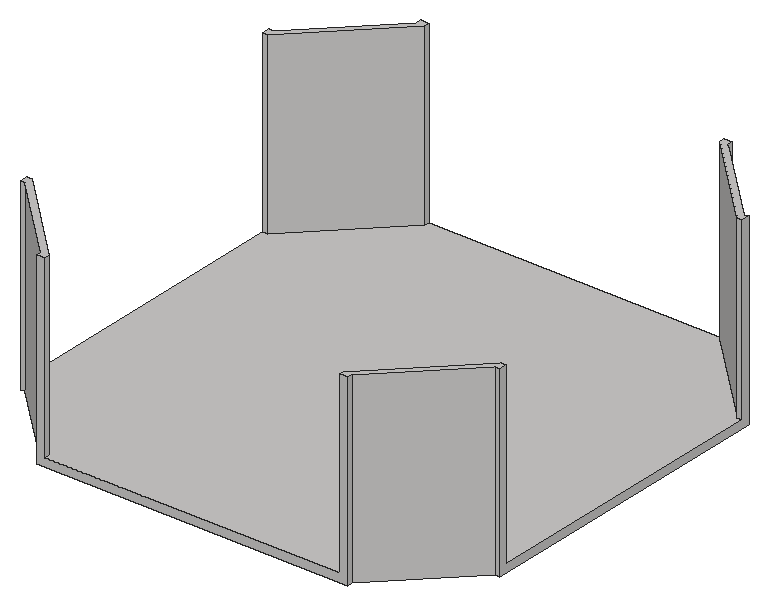
Revit family "Cable_Tray_Fitting-Wire_Mesh_Tray-OBO_Bettermann-Channel_Horizontal_Cross_Over-GR_Magic", category Cable Tray Fittings, Revit 2012
Parameters (values of type "Hot Dipped Galvanised")
  URL = "http://www.obo-bettermann.com/"
  Tray Width 3 [instance] = 100 mm
  Tray Width 1 [instance] = 100 mm
  Tray Length [instance] = 1.588 mm
  Tray Height [instance] = 60 mm
  Tray Connector 4 Location [instance] = if(Tray Width 3 > 399.9 mm, (Tray Width 3 / 2) + 255 mm, (Tray Width 3 / 2) + 27 mm)  # 77 mm
  Tray Connector 3 Location [instance] = if(Tray Width 3 > 399.9 mm, (Tray Width 3 / 2) + 255 mm, (Tray Width 3 / 2) + 27 mm)  # 77 mm
  Tray Connector 2 Location [instance] = if(Tray Width 1 > 399.9 mm, (Tray Width 1 / 2) + 255 mm, (Tray Width 1 / 2) + 27 mm)  # 77 mm
  Tray Connector 1 Location [instance] = if(Tray Width 1 > 399.9 mm, (Tray Width 1 / 2) + 255 mm, (Tray Width 1 / 2) + 27 mm)  # 77 mm
  built-in parameter 1140111 [instance] = 2.58 mm
  Small Tray Cross Over [instance] = not(Large Tray Cross Over)  # yes
  Radius = 25.4 mm
  Product Page URL = "http://catalog2.obo-bettermann.com/catalogue/catalogue.do?favOid=kts_315619&act=showIO&lang=en&action=start&catId=KTS&forward=showSolutionView"
  Product Documentation Link = ""
  Pre Galvanized = yes
  Model = "GR-Magic"
  Manufacturer = "OBO Bettermann"
  Large Tray Cross Over [instance] = (Tray Width 1 > 399.9 mm)  # no
  Description = "Wire Mesh Cable Tray"
  Connector Description 4 = "Connector for Cable Tray 4"  # constant formula
  Connector Description 3 = "Connector for Cable Tray 3"  # constant formula
  Connector Description 2 = "Connector for Cable Tray 2"  # constant formula
  Connector Description = "Connector for Cable Tray 1"  # constant formula
  Classification = "Refer to online Catalog for UL and cUL classifed sizes and wire sizes."
  Cable Tray Material = Metal - OBO Bettermann - Hot-Dipped-Galvanised
  Assembly Code = "D5030600"
Types (2, lengths in mm): name | Cable Tray Material
  Electro Galvanised | Metal - OBO Bettermann - Electro-Galvanised
  Hot Dipped Galvanised | Metal - OBO Bettermann - Hot-Dipped-Galvanised
Reference planes
  plane 1 "Center (Front/Back)": y = 0
  plane 2: z = 0
  plane 3 "Center (Left/Right)": x = 0
  plane 4: y = 50
  plane 5: y = -50
  plane 6: z = 30
  plane 7: z = -30
  plane 8: y = -75.4
  plane 9: x = -50
  plane 10: x = 50
  plane 11: x = -75.4
  plane 12: x = 75.4
  plane 13: y = -47.42
  plane 14: y = 47.42
  plane 15: y = -76.988
  plane 16: x = -47.42
  plane 17: x = 47.42
  plane 18: x = -76.987
  plane 19: x = 76.988
  plane 20: z = -27.42
  plane 21: y = 75.4
  plane 22: y = 76.987
  plane 23 "Tray Connector Left": x = -77
  plane 24 "Tray Connector Right": x = 77
  plane 25 "Tray Connector Branch Lower": y = -77
  plane 26 "Tray Connector Branch Upper": y = 77
Lines and regions (mm)
  model lines, style "Coarse View", detail levels coarse
    curve 1: line (-76.987, 0, 0) -> (76.988, 0, 0)
    curve 2: line (0, 0, 0) -> (0, -76.988, 0)
    curve 3: line (0, 76.987, 0) -> (0, 0, 0)
  symbolic lines, detail levels fine
    curve 4: line (47.42, 76.987, 0) -> (47.42, 75.4, 0)
    curve 5: line (75.4, 47.42, 0) -> (76.988, 47.42, 0)
    curve 6: line (76.988, -47.42, 0) -> (75.4, -47.42, 0)
    curve 7: line (47.42, -75.4, 0) -> (47.42, -76.988, 0)
    curve 8: line (-47.42, -76.988, 0) -> (-47.42, -75.4, 0)
    curve 9: line (-75.4, -47.42, 0) -> (-76.987, -47.42, 0)
Dimensions and locks
  equal spacing: plane 4, plane 1 "Center (Front/Back)", plane 5
  "Tray Width 1": plane 4 to plane 5
  equal spacing: plane 6, plane 2, plane 7
  "Tray Height": plane 6 to plane 7
  plane 5 to plane 8 = 25.4 mm
  equal spacing: plane 9, plane 3 "Center (Left/Right)", plane 10
  "Tray Width 3": plane 9 to plane 10
  plane 11 to plane 9 = 25.4 mm
  plane 10 to plane 12 = 25.4 mm
  "built-in parameter 1140111": plane 13 to plane 5
  "built-in parameter 1140111": plane 4 to plane 14
  "Tray Length": plane 8 to plane 15
  "built-in parameter 1140111": plane 9 to plane 16
  "built-in parameter 1140111": plane 17 to plane 10
  "Tray Length": plane 18 to plane 11
  "Tray Length": plane 12 to plane 19
  "built-in parameter 1140111": plane 20 to plane 7
  "Tray Length": plane 21 to plane 22
  "Radius": plane 21 to plane 4
  "Tray Connector 1 Location": plane 23 "Tray Connector Left" to plane 3 "Center (Left/Right)"
  "Tray Connector 2 Location": plane 3 "Center (Left/Right)" to plane 24 "Tray Connector Right"
  "Tray Connector 4 Location": plane 26 "Tray Connector Branch Upper" to plane 1 "Center (Front/Back)"
  "Tray Connector 3 Location": plane 25 "Tray Connector Branch Lower" to plane 1 "Center (Front/Back)"
  plane 26 "Tray Connector Branch Upper" to plane 22 = 0.013 mm
  aligned and locked: plane 19 to curve 1
  aligned and locked: plane 18 to curve 1
  aligned and locked: plane 15 to curve 2
  aligned and locked: plane 1 "Center (Front/Back)" to curve 2
  aligned and locked: curve 2 to plane 3 "Center (Left/Right)"
  aligned and locked: plane 22 to curve 3
  aligned and locked: curve 3 to plane 3 "Center (Left/Right)"
  aligned and locked: plane 18 to curve 9
  aligned and locked: plane 15 to curve 8
  aligned and locked: plane 15 to curve 7
  aligned and locked: plane 19 to curve 6
  aligned and locked: plane 19 to curve 5
  aligned and locked: plane 22 to curve 4
  aligned and locked: nested 1 to plane 9
  aligned and locked: plane 10 to nested 1
  aligned and locked: nested 1 to plane 5
  aligned and locked: plane 4 to nested 1
  aligned and locked: nested 2 to plane 22
  aligned and locked: nested 2 to plane 18
  aligned and locked: nested 2 to plane 15
  aligned and locked: plane 19 to nested 2
Automatic sketch dimensions
  curve 4 to plane 17 = 0 mm
  plane 21 to curve 4 = 0 mm
  curve 6 to plane 13 = 0 mm
  curve 8 to plane 16 = 0 mm
  curve 8 to plane 8 = 0 mm
  curve 9 to plane 11 = 0 mm
  curve 9 to plane 13 = 0 mm
  curve 5 to plane 12 = 0 mm
  curve 5 to plane 14 = 0 mm
  curve 7 to plane 17 = 0 mm
  curve 6 to plane 12 = 0 mm
  curve 7 to plane 8 = 0 mm
Nested families
  nested 1: "Cable_Tray_Fitting-Wire_Mesh_Tray-OBO_Bettermann-Channel_Horizontal_Cross_Over_400-600-MKS" at (0, 0, 0), Tray Width 3 <- "Tray Width 3", Tray Width 1 <- "Tray Width 1", Tray Height <- "Tray Height", built-in parameter 1140111 <- "built-in parameter 1140111", visible <- "Large Tray Cross Over", type "Stripped Galvanised"
    with Tray Width 3 100 mm, Tray Width 1 100 mm, Tray Length 1.588 mm, Tray Height 60 mm, built-in parameter 1140111 2.58 mm, Radius Label 150 mm
  nested 2: "Cable_Tray_Fitting-Wire_Mesh_Tray-OBO_Bettermann-Channel_Horizontal_Cross_Over_100-300-MKS" at (0, 0, 0), Tray Width 3 <- "Tray Width 3", Tray Width 1 <- "Tray Width 1", Tray Height <- "Tray Height", built-in parameter 1140111 <- "built-in parameter 1140111", visible <- "Small Tray Cross Over", type "Stripped Galvanised"
    with Tray Width 3 100 mm, Tray Width 1 100 mm, Tray Length 1.588 mm, Tray Height 60 mm, built-in parameter 1140111 2.58 mm, Radius Label 1 27.98 mm, Radius Label 25.4 mm
Connectors
  cabletrayconduit at (-77, 0, 0), driven by "Tray Height", driven by "Tray Width 1", driven by "Connector Description"
    settings: index 1, connector width 100 mm, connector height 60 mm, connector radius 300 mm, connector angle 0.00°, system type 32, placement type 0, profile type 1, connector reference index -1, is primary connector yes, connector utility param no, connector description "Connector for Cable Tray 1"
  cabletrayconduit at (77, 0, 0), driven by "Tray Height", driven by "Tray Width 1", driven by "Connector Description 2"
    settings: index 2, connector width 100 mm, connector height 60 mm, connector radius 300 mm, connector angle 0.00°, system type 32, placement type 0, profile type 1, connector reference index -1, is primary connector no, connector utility param no, connector description "Connector for Cable Tray 2"
  cabletrayconduit at (0, 77, 0), driven by "Tray Width 3", driven by "Tray Height", driven by "Connector Description 4"
    settings: index 3, connector width 100 mm, connector height 60 mm, connector radius 300 mm, connector angle 0.00°, system type 32, placement type 0, profile type 1, connector reference index -1, is primary connector no, connector utility param no, connector description "Connector for Cable Tray 4"
  cabletrayconduit at (0, -77, 0), driven by "Tray Height", driven by "Tray Width 3", driven by "Connector Description 3"
    settings: index 4, connector width 100 mm, connector height 60 mm, connector radius 300 mm, connector angle 0.00°, system type 32, placement type 0, profile type 1, connector reference index -1, is primary connector no, connector utility param no, connector description "Connector for Cable Tray 3"
Definition of nested family "Cable_Tray_Fitting-Wire_Mesh_Tray-OBO_Bettermann-Channel_Horizontal_Cross_Over_400-600-MKS"
  Parameters (values of type "Stripped Galvanised")
    URL = "http://www.obo-bettermann.com/"
    Tray Width 3 [instance] = 400 mm
    Tray Width 1 [instance] = 400 mm
    Tray Length [instance] = 1.588 mm
    Tray Height [instance] = 60 mm
    built-in parameter 1140111 [instance] = 2.58 mm
    Radius Label 1 = Radius + 2.6 mm  # 152.6 mm
    Radius Label [instance] = Radius  # 150 mm
    Radius = 150 mm
    Product Page URL = "http://catalog2.obo-bettermann.com/catalogue/catalogue.do?favOid=kts_315277&act=showIO&lang=en&action=start&catId=KTS&forward=showSolutionView"
    Product Documentation Link = ""
    Pre Galvanized = yes
    Model = "MKS"
    Manufacturer = "OBO Bettermann"
    Description = "Cable tray"
    Connector Description 4 = "Connector for Cable Tray 4"  # constant formula
    Connector Description 3 = "Connector for Cable Tray 3"  # constant formula
    Connector Description 2 = "Connector for Cable Tray 2"  # constant formula
    Connector Description = "Connector for Cable Tray 1"  # constant formula
    Classification = "Refer to online Catalog for UL and cUL classifed sizes and wire sizes."
    Cable Tray Material = Metal - OBO Bettermann - Electro-Galvanised
    Assembly Code = "D5030600"
  Types (2, lengths in mm): name | Cable Tray Material
    Stripped Galvanised | Metal - OBO Bettermann - Electro-Galvanised
    Steel | Metal - OBO Bettermann - Hot-Dipped-Galvanised
  Reference planes
    plane 1 "Center (Front/Back)": y = 0
    plane 2: z = 0
    plane 3 "Center (Left/Right)": x = 0
    plane 4: y = 200
    plane 5: y = -200
    plane 6: z = 30
    plane 7: z = -30
    plane 8: y = -453.413
    plane 9: x = -200
    plane 10: x = 200
    plane 11: x = -453.412
    plane 12: x = 453.413
    plane 13: y = -197.42
    plane 14: y = 197.42
    plane 15: y = -455
    plane 16: x = -197.42
    plane 17: x = 197.42
    plane 18: x = -455
    plane 19: x = 455
    plane 20: z = -27.42
    plane 21: y = 453.412
    plane 22: y = 455
  Forms (mm)
    Extrusion 1, solid, material "Metal - OBO Bettermann - Electro-Galvanised" <- "Cable Tray Material", detail levels medium+fine
      sketch origin (377.212, 0, 0) x (1, 0, 0) y (0, 1, 0)
        loop
          line (-832.212, -197.42) -> (-832.212, -200) -> (-727.212, -200)
          arc (-727.212, -200) -> (-621.146, -243.934) -> (-577.212, -350) r 150
          line (-577.212, -350) -> (-577.212, -455) -> (-574.633, -455) -> (-574.633, -347.51)
          arc (-574.633, -347.51) -> (-619.308, -242.096) -> (-724.723, -197.42) r 152.6
          line (-724.723, -197.42) -> (-832.212, -197.42)
        loop
          line (-27.212, -200) -> (77.788, -200) -> (77.788, -197.42) -> (-29.702, -197.42)
          arc (-29.702, -197.42) -> (-135.117, -242.096) -> (-179.792, -347.51) r 152.6
          line (-179.792, -347.51) -> (-179.792, -455) -> (-177.212, -455) -> (-177.212, -350)
          arc (-177.212, -350) -> (-133.279, -243.934) -> (-27.212, -200) r 150
        loop
          line (-832.212, 197.42) -> (-724.723, 197.42)
          arc (-724.723, 197.42) -> (-619.308, 242.096) -> (-574.633, 347.51) r 152.6
          line (-574.633, 347.51) -> (-574.633, 455) -> (-577.212, 455) -> (-577.212, 350)
          arc (-577.212, 350) -> (-621.146, 243.934) -> (-727.212, 200) r 150
          line (-727.212, 200) -> (-832.212, 200) -> (-832.212, 197.42)
        loop
          arc (-27.212, 200) -> (-133.279, 243.934) -> (-177.212, 350) r 150
          line (-177.212, 350) -> (-177.212, 455) -> (-179.792, 455) -> (-179.792, 347.51)
          arc (-179.792, 347.51) -> (-135.117, 242.096) -> (-29.702, 197.42) r 152.6
          line (-29.702, 197.42) -> (77.788, 197.42) -> (77.788, 200) -> (-27.212, 200)
      from -30 to 30
    Extrusion 2, solid, material "Metal - OBO Bettermann - Electro-Galvanised" <- "Cable Tray Material", detail levels medium+fine
      sketch origin (0, 0, 0) x (1, 0, 0) y (0, 1, 0)
        loop
          line (-455, 200) -> (-455, -200) -> (-350, -200)
          arc (-350, -200) -> (-243.934, -243.934) -> (-200, -350) r 150
          line (-200, -350) -> (-200, -455) -> (200, -455) -> (200, -350)
          arc (200, -350) -> (243.934, -243.934) -> (350, -200) r 150
          line (350, -200) -> (455, -200) -> (455, 200) -> (350, 200)
          arc (350, 200) -> (243.934, 243.934) -> (200, 350) r 150
          line (200, 350) -> (200, 455) -> (-200, 455) -> (-200, 350)
          arc (-200, 350) -> (-243.934, 243.934) -> (-350, 200) r 150
          line (-350, 200) -> (-455, 200)
      from -30 to -27.42
    Extrusion 3, solid, material "Metal - OBO Bettermann - Electro-Galvanised" <- "Cable Tray Material", detail levels medium
      sketch origin (0, 0, 0) x (1, 0, 0) y (0, 1, 0)
        loop
          line (-455, 200) -> (-455, -200) -> (-350, -200)
          arc (-350, -200) -> (-243.934, -243.934) -> (-200, -350) r 150
          line (-200, -350) -> (-200, -455) -> (200, -455) -> (200, -350)
          arc (200, -350) -> (243.934, -243.934) -> (350, -200) r 150
          line (350, -200) -> (455, -200) -> (455, 200) -> (350, 200)
          arc (350, 200) -> (243.934, 243.934) -> (200, 350) r 150
          line (200, 350) -> (200, 455) -> (-200, 455) -> (-200, 350)
          arc (-200, 350) -> (-243.934, 243.934) -> (-350, 200) r 150
          line (-350, 200) -> (-455, 200)
      from -30 to 30
  Cuts and joins
    joined: Extrusion 1, Extrusion 2
  Lines and regions (mm)
    model lines, style "Coarse View", detail levels coarse
      curve 1: line (-455, 0, 0) -> (455, 0, 0)
      curve 2: line (0, 0, 0) -> (0, -455, 0)
      curve 3: line (0, 455, 0) -> (0, 0, 0)
    symbolic lines, detail levels fine
      curve 4: line (197.42, 455, 0) -> (197.42, 453.412, 0)
      curve 5: line (453.413, 197.42, 0) -> (455, 197.42, 0)
      curve 6: line (455, -197.42, 0) -> (453.413, -197.42, 0)
      curve 7: line (197.42, -453.413, 0) -> (197.42, -455, 0)
      curve 8: line (-197.42, -455, 0) -> (-197.42, -453.413, 0)
      curve 9: line (-453.412, -197.42, 0) -> (-455, -197.42, 0)
      curve 10: line (-200, -350, 0) -> (-200, -455, 0)
      curve 11: arc (-350, -200, 0) -> (-243.934, -243.934, 0) -> (-200, -350, 0) r 150
      curve 12: line (-455, -200, 0) -> (-350, -200, 0)
      curve 13: line (350, -200, 0) -> (455, -200, 0)
      curve 14: arc (200, -350, 0) -> (243.934, -243.934, 0) -> (350, -200, 0) r 150
      curve 15: line (200, -455, 0) -> (200, -350, 0)
      curve 16: line (200, 350, 0) -> (200, 455, 0)
      curve 17: arc (350, 200, 0) -> (243.934, 243.934, 0) -> (200, 350, 0) r 150
      curve 18: line (455, 200, 0) -> (350, 200, 0)
      curve 19: line (-350, 200, 0) -> (-455, 200, 0)
      curve 20: arc (-200, 350, 0) -> (-243.934, 243.934, 0) -> (-350, 200, 0) r 150
      curve 21: line (-200, 455, 0) -> (-200, 350, 0)
  Dimensions and locks
    equal spacing: plane 4, plane 1 "Center (Front/Back)", plane 5
    "Tray Width 1": plane 4 to plane 5
    equal spacing: plane 6, plane 2, plane 7
    "Tray Height": plane 6 to plane 7
    equal spacing: plane 9, plane 3 "Center (Left/Right)", plane 10
    "Tray Width 3": plane 9 to plane 10
    "built-in parameter 1140111": plane 13 to plane 5
    "built-in parameter 1140111": plane 4 to plane 14
    "Tray Length": plane 8 to plane 15
    "built-in parameter 1140111": plane 9 to plane 16
    "built-in parameter 1140111": plane 17 to plane 10
    "Tray Length": plane 18 to plane 11
    "Tray Length": plane 12 to plane 19
    "built-in parameter 1140111": plane 20 to plane 7
    "Tray Length": plane 21 to plane 22
    locked: plane 18 to plane 9 at 255
    locked: plane 10 to plane 19 at 255
    equal spacing: plane 18, plane 3 "Center (Left/Right)", plane 19
    locked: plane 4 to plane 22 at 255
    locked: plane 5 to plane 15 at 255
    equal spacing: plane 15, plane 1 "Center (Front/Back)", plane 22
    "Radius Label": radius of Extrusion 3 sketch curve  (x4)
    "Radius Label": radius of Extrusion 1 sketch curve  (x4)
    "Radius Label 1": radius of Extrusion 1 sketch curve  (x4)
    aligned and locked: Extrusion 1 to plane 7
    aligned and locked: plane 6 to Extrusion 1
    aligned and locked: plane 5 to Extrusion 2 sketch curve
    aligned and locked: plane 19 to Extrusion 2 sketch curve
    aligned and locked: plane 9 to Extrusion 2 sketch curve
    aligned and locked: Extrusion 2 sketch curve to plane 15
    aligned and locked: Extrusion 2 to plane 7
    aligned and locked: plane 20 to Extrusion 2
    aligned and locked: plane 18 to Extrusion 3 sketch curve
    aligned and locked: Extrusion 3 sketch curve to plane 5
    aligned and locked: plane 4 to Extrusion 3 sketch curve  (x2)
    aligned and locked: plane 5 to Extrusion 3 sketch curve
    aligned and locked: plane 10 to Extrusion 3 sketch curve
    aligned and locked: plane 9 to Extrusion 3 sketch curve
    aligned and locked: Extrusion 3 sketch curve to plane 15
    aligned and locked: Extrusion 3 to plane 7
    aligned and locked: plane 6 to Extrusion 3
    aligned and locked: plane 19 to curve 1
    aligned and locked: plane 18 to curve 1
    aligned and locked: plane 15 to curve 2
    aligned and locked: plane 1 "Center (Front/Back)" to curve 2
    aligned and locked: curve 2 to plane 3 "Center (Left/Right)"
    aligned and locked: plane 22 to curve 3
    aligned and locked: curve 3 to plane 3 "Center (Left/Right)"
    aligned and locked: plane 18 to curve 9
    aligned and locked: plane 15 to curve 8
    aligned and locked: plane 15 to curve 7
    aligned and locked: plane 19 to curve 6
    aligned and locked: plane 19 to curve 5
    aligned and locked: plane 22 to curve 4
    aligned and locked: Extrusion 2 sketch curve to cut or joined group of Extrusion 1, Extrusion 2  (x8)
    aligned and locked: curve 11 to cut or joined group of Extrusion 1, Extrusion 2
    aligned and locked: curve 12 to cut or joined group of Extrusion 1, Extrusion 2
    aligned and locked: curve 14 to cut or joined group of Extrusion 1, Extrusion 2
    aligned and locked: curve 17 to cut or joined group of Extrusion 1, Extrusion 2
    aligned and locked: curve 18 to cut or joined group of Extrusion 1, Extrusion 2
    aligned and locked: curve 20 to cut or joined group of Extrusion 1, Extrusion 2
    aligned and locked: curve 21 to cut or joined group of Extrusion 1, Extrusion 2
  Automatic sketch dimensions
    curve 9 to plane 11 = 0 mm
    curve 7 to plane 8 = 0 mm
    curve 7 to plane 17 = 0 mm
    curve 4 to plane 17 = 0 mm
    curve 6 to plane 13 = 0 mm
    curve 9 to plane 13 = 0 mm
    Extrusion 3 sketch curve to plane 9 = 0 mm
    Extrusion 3 sketch curve to plane 10 = 0 mm
    Extrusion 3 sketch curve to plane 19 = 0 mm
    plane 22 to Extrusion 3 sketch curve = 0 mm
    Extrusion 1 sketch curve to Extrusion 1 sketch curve = 0 mm  (x8)
    Extrusion 1 sketch curve to plane 13 = 0 mm  (x2)
    Extrusion 1 sketch curve to plane 18 = 0 mm  (x2)
    Extrusion 1 sketch curve to plane 4 = 0 mm  (x2)
    Extrusion 1 sketch curve to plane 5 = 0 mm  (x2)
    Extrusion 1 sketch curve to plane 14 = 0 mm  (x2)
    Extrusion 1 sketch curve to plane 9 = 0 mm  (x2)
    Extrusion 1 sketch curve to plane 16 = 0 mm  (x2)
    Extrusion 1 sketch curve to plane 17 = 0 mm  (x2)
    Extrusion 1 sketch curve to plane 10 = 0 mm  (x2)
    Extrusion 1 sketch curve to plane 19 = 0 mm  (x2)
    Extrusion 1 sketch curve to plane 15 = 0 mm  (x2)
    plane 22 to Extrusion 1 sketch curve = 0 mm  (x2)
    Extrusion 2 sketch curve to plane 18 = 0 mm
    plane 22 to Extrusion 2 sketch curve = 0 mm
    curve 10 to plane 15 = 0 mm
    curve 12 to plane 18 = 0 mm
    curve 8 to plane 8 = 0 mm
    curve 8 to plane 16 = 0 mm
    curve 6 to plane 12 = 0 mm
    curve 13 to plane 19 = 0 mm
    curve 15 to plane 15 = 0 mm
    plane 22 to curve 16 = 0 mm
    curve 18 to plane 19 = 0 mm
    curve 5 to plane 12 = 0 mm
    curve 5 to plane 14 = 0 mm
    plane 21 to curve 4 = 0 mm
    curve 19 to plane 18 = 0 mm
    plane 22 to curve 21 = 0 mm
  Connectors
    cabletrayconduit at (-455, 0, 0), driven by "Tray Height", driven by "Tray Width 1", driven by "Connector Description"
      settings: on Extrusion 3, index 1, connector width 400 mm, connector height 60 mm, connector radius 304.8 mm, connector angle 0.00°, system type 32, placement type 0, profile type 1, connector reference index 2, is primary connector yes, connector utility param no, connector description "Connector for Cable Tray 1"
    cabletrayconduit at (455, 0, 0), driven by "Tray Height", driven by "Tray Width 1", driven by "Connector Description 2"
      settings: on Extrusion 3, index 2, connector width 400 mm, connector height 60 mm, connector radius 304.8 mm, connector angle 0.00°, system type 32, placement type 0, profile type 1, connector reference index 1, is primary connector no, connector utility param no, connector description "Connector for Cable Tray 2"
    cabletrayconduit at (0, -455, 0), driven by "Tray Height", driven by "Tray Width 3", driven by "Connector Description 3"
      settings: on Extrusion 3, index 3, connector width 400 mm, connector height 60 mm, connector radius 304.8 mm, connector angle 0.00°, system type 32, placement type 0, profile type 1, connector reference index 4, is primary connector no, connector utility param no, connector description "Connector for Cable Tray 3"
    cabletrayconduit at (0, 455, 0), driven by "Tray Height", driven by "Tray Width 3", driven by "Connector Description 4"
      settings: on Extrusion 3, index 4, connector width 400 mm, connector height 60 mm, connector radius 304.8 mm, connector angle 0.00°, system type 32, placement type 0, profile type 1, connector reference index 3, is primary connector no, connector utility param no, connector description "Connector for Cable Tray 4"
Definition of nested family "Cable_Tray_Fitting-Wire_Mesh_Tray-OBO_Bettermann-Channel_Horizontal_Cross_Over_100-300-MKS"
  Parameters (values of type "Steel")
    URL = "http://www.obo-bettermann.com/"
    Tray Width 3 [instance] = 100 mm
    Tray Width 1 [instance] = 100 mm
    Tray Length [instance] = 1.588 mm
    Tray Height [instance] = 60 mm
    built-in parameter 1140111 [instance] = 2.58 mm
    Radius Label 1 [instance] = Radius Label + [built-in parameter 1140111]  # 27.98 mm
    Radius Label [instance] = Radius  # 25.4 mm
    Radius = 25.4 mm
    Product Page URL = "http://catalog2.obo-bettermann.com/catalogue/catalogue.do?favOid=kts_315277&act=showIO&lang=en&action=start&catId=KTS&forward=showSolutionView"
    Product Documentation Link = ""
    Pre Galvanized = yes
    Model = "MKS"
    Manufacturer = "OBO Bettermann"
    Description = "Cable tray"
    Connector Description 4 = "Connector for Cable Tray 4"  # constant formula
    Connector Description 3 = "Connector for Cable Tray 3"  # constant formula
    Connector Description 2 = "Connector for Cable Tray 2"  # constant formula
    Connector Description = "Connector for Cable Tray 1"  # constant formula
    Classification = "Refer to online Catalog for UL and cUL classifed sizes and wire sizes."
    Cable Tray Material = Metal - OBO Bettermann - Hot-Dipped-Galvanised
    Assembly Code = "D5030600"
  Types (2, lengths in mm): name | Cable Tray Material
    Stripped Galvanised | Metal - OBO Bettermann - Electro-Galvanised
    Steel | Metal - OBO Bettermann - Hot-Dipped-Galvanised
  Reference planes
    plane 1 "Center (Front/Back)": y = 0
    plane 2: z = 0
    plane 3 "Center (Left/Right)": x = 0
    plane 4: y = 50
    plane 5: y = -50
    plane 6: z = 30
    plane 7: z = -30
    plane 8: y = -75.4
    plane 9: x = -50
    plane 10: x = 50
    plane 11: x = -75.4
    plane 12: x = 75.4
    plane 13: y = -47.42
    plane 14: y = 47.42
    plane 15: y = -76.988
    plane 16: x = -47.42
    plane 17: x = 47.42
    plane 18: x = -76.987
    plane 19: x = 76.988
    plane 20: z = -27.42
    plane 21: y = 75.4
    plane 22: y = 76.987
  Forms (mm)
    Extrusion 1, solid, material "Metal - OBO Bettermann - Hot-Dipped-Galvanised" <- "Cable Tray Material", detail levels medium+fine
      sketch origin (-0.8, 0, 0) x (1, 0, 0) y (0, 1, 0)
        loop
          line (-76.187, -47.42) -> (-76.187, -50) -> (-74.6, -50) -> (-49.2, -75.4) -> (-49.2, -76.988) -> (-46.62, -76.988) -> (-46.62, -75.4) -> (-74.6, -47.42) -> (-76.187, -47.42)
        loop
          line (76.2, -50) -> (77.788, -50) -> (77.788, -47.42) -> (76.2, -47.42) -> (48.22, -75.4) -> (48.22, -76.988) -> (50.8, -76.988) -> (50.8, -75.4) -> (76.2, -50)
        loop
          line (-76.187, 50) -> (-76.187, 47.42) -> (-74.6, 47.42) -> (-46.62, 75.4) -> (-46.62, 76.987) -> (-49.2, 76.987) -> (-49.2, 75.4) -> (-74.6, 50) -> (-76.187, 50)
        loop
          line (48.22, 76.987) -> (48.22, 75.4) -> (76.2, 47.42) -> (77.788, 47.42) -> (77.788, 50) -> (76.2, 50) -> (50.8, 75.4) -> (50.8, 76.987) -> (48.22, 76.987)
      from -30 to 30
    Extrusion 2, solid, material "Metal - OBO Bettermann - Hot-Dipped-Galvanised" <- "Cable Tray Material", detail levels medium+fine
      sketch origin (0, 0, 0) x (1, 0, 0) y (0, 1, 0)
        loop
          line (-76.987, -50) -> (-75.4, -50) -> (-50, -75.4) -> (-50, -76.988) -> (50, -76.988) -> (50, -75.4) -> (75.4, -50) -> (76.988, -50) -> (76.988, 50) -> (75.4, 50) -> (50, 75.4) -> (50, 76.987) -> (-50, 76.987) -> (-50, 75.4) -> (-75.4, 50) -> (-76.987, 50) -> (-76.987, -50)
      from -30 to -27.42
    Extrusion 3, solid, material "Metal - OBO Bettermann - Hot-Dipped-Galvanised" <- "Cable Tray Material", detail levels medium
      sketch origin (0, 0, 0) x (1, 0, 0) y (0, 1, 0)
        loop
          line (-76.987, 50) -> (-76.987, -50) -> (-75.4, -50) -> (-50, -75.4) -> (-50, -76.988) -> (50, -76.988) -> (50, -75.4) -> (75.4, -50) -> (76.988, -50) -> (76.988, 50) -> (75.4, 50) -> (50, 75.4) -> (50, 76.987) -> (-50, 76.987) -> (-50, 75.4) -> (-75.4, 50) -> (-76.987, 50)
      from -30 to 30
  Cuts and joins
    joined: Extrusion 1, Extrusion 2
  Lines and regions (mm)
    model lines, style "Coarse View", detail levels coarse
      curve 1: line (-76.987, 0, 0) -> (76.988, 0, 0)
      curve 2: line (0, 0, 0) -> (0, -76.988, 0)
      curve 3: line (0, 76.987, 0) -> (0, 0, 0)
    symbolic lines, detail levels fine
      curve 4: line (47.42, 76.987, 0) -> (47.42, 75.4, 0)
      curve 5: line (47.42, 75.4, 0) -> (75.4, 47.42, 0)
      curve 6: line (75.4, 47.42, 0) -> (76.988, 47.42, 0)
      curve 7: line (76.988, -47.42, 0) -> (75.4, -47.42, 0)
      curve 8: line (75.4, -47.42, 0) -> (47.42, -75.4, 0)
      curve 9: line (47.42, -75.4, 0) -> (47.42, -76.988, 0)
      curve 10: line (-47.42, -76.988, 0) -> (-47.42, -75.4, 0)
      curve 11: line (-47.42, -75.4, 0) -> (-75.4, -47.42, 0)
      curve 12: line (-75.4, -47.42, 0) -> (-76.987, -47.42, 0)
  Dimensions and locks
    equal spacing: plane 4, plane 1 "Center (Front/Back)", plane 5
    "Tray Width 1": plane 4 to plane 5
    equal spacing: plane 6, plane 2, plane 7
    "Tray Height": plane 6 to plane 7
    "Radius Label": plane 5 to plane 8
    equal spacing: plane 9, plane 3 "Center (Left/Right)", plane 10
    "Tray Width 3": plane 9 to plane 10
    "Radius Label": plane 11 to plane 9
    "Radius Label": plane 10 to plane 12
    "built-in parameter 1140111": plane 13 to plane 5
    "built-in parameter 1140111": plane 4 to plane 14
    "Tray Length": plane 8 to plane 15
    "built-in parameter 1140111": plane 9 to plane 16
    "built-in parameter 1140111": plane 17 to plane 10
    "Tray Length": plane 18 to plane 11
    "Tray Length": plane 12 to plane 19
    "built-in parameter 1140111": plane 20 to plane 7
    "Tray Length": plane 21 to plane 22
    "Radius": plane 21 to plane 4
    aligned and locked: plane 11 to Extrusion 1 sketch curve  (x4)
    aligned and locked: Extrusion 1 sketch curve to plane 13
    aligned and locked: plane 18 to Extrusion 1 sketch curve  (x2)
    aligned and locked: Extrusion 1 sketch curve to plane 5
    aligned and locked: plane 8 to Extrusion 1 sketch curve  (x4)
    aligned and locked: plane 15 to Extrusion 1 sketch curve  (x2)
    aligned and locked: plane 16 to Extrusion 1 sketch curve  (x3)
    aligned and locked: plane 9 to Extrusion 1 sketch curve  (x3)
    aligned and locked: Extrusion 1 sketch curve to plane 15  (x2)
    aligned and locked: Extrusion 1 sketch curve to plane 18  (x2)
    aligned and locked: Extrusion 1 to plane 7
    aligned and locked: plane 6 to Extrusion 1
    aligned and locked: plane 19 to Extrusion 1 sketch curve  (x3)
    aligned and locked: plane 5 to Extrusion 1 sketch curve  (x3)
    aligned and locked: plane 13 to Extrusion 1 sketch curve  (x3)
    aligned and locked: Extrusion 1 sketch curve to plane 19
    aligned and locked: Extrusion 1 sketch curve to plane 17
    aligned and locked: Extrusion 1 sketch curve to plane 10  (x2)
    aligned and locked: plane 10 to Extrusion 1 sketch curve  (x2)
    aligned and locked: plane 17 to Extrusion 1 sketch curve  (x3)
    aligned and locked: plane 18 to Extrusion 2 sketch curve  (x2)
    aligned and locked: plane 11 to Extrusion 2 sketch curve  (x2)
    aligned and locked: Extrusion 2 sketch curve to plane 5
    aligned and locked: plane 4 to Extrusion 2 sketch curve
    aligned and locked: plane 5 to Extrusion 2 sketch curve
    aligned and locked: plane 19 to Extrusion 2 sketch curve  (x2)
    aligned and locked: plane 12 to Extrusion 2 sketch curve  (x2)
    aligned and locked: plane 8 to Extrusion 2 sketch curve  (x2)
    aligned and locked: plane 15 to Extrusion 2 sketch curve
    aligned and locked: plane 10 to Extrusion 2 sketch curve
    aligned and locked: plane 9 to Extrusion 2 sketch curve
    aligned and locked: Extrusion 2 sketch curve to plane 15
    aligned and locked: Extrusion 2 to plane 7
    aligned and locked: plane 20 to Extrusion 2
    aligned and locked: plane 18 to Extrusion 3 sketch curve  (x2)
    aligned and locked: plane 11 to Extrusion 3 sketch curve  (x2)
    aligned and locked: Extrusion 3 sketch curve to plane 5  (x2)
    aligned and locked: plane 4 to Extrusion 3 sketch curve  (x2)
    aligned and locked: plane 5 to Extrusion 3 sketch curve
    aligned and locked: plane 12 to Extrusion 3 sketch curve  (x2)
    aligned and locked: plane 19 to Extrusion 3 sketch curve  (x2)
    aligned and locked: plane 15 to Extrusion 3 sketch curve
    aligned and locked: Extrusion 3 sketch curve to plane 10  (x2)
    aligned and locked: plane 8 to Extrusion 3 sketch curve
    aligned and locked: plane 10 to Extrusion 3 sketch curve
    aligned and locked: plane 9 to Extrusion 3 sketch curve
    aligned and locked: Extrusion 3 sketch curve to plane 15
    aligned and locked: Extrusion 3 to plane 7
    aligned and locked: plane 6 to Extrusion 3
    aligned and locked: plane 19 to curve 1
    aligned and locked: plane 18 to curve 1
    aligned and locked: plane 15 to curve 2
    aligned and locked: plane 1 "Center (Front/Back)" to curve 2
    aligned and locked: curve 2 to plane 3 "Center (Left/Right)"
    aligned and locked: Extrusion 1 sketch curve to plane 14
    aligned and locked: Extrusion 1 sketch curve to plane 4
    aligned and locked: plane 22 to Extrusion 1 sketch curve  (x4)
    aligned and locked: Extrusion 1 sketch curve to plane 9
    aligned and locked: Extrusion 1 sketch curve to plane 16
    aligned and locked: plane 4 to Extrusion 1 sketch curve  (x2)
    aligned and locked: plane 14 to Extrusion 1 sketch curve  (x2)
    aligned and locked: plane 22 to Extrusion 3 sketch curve  (x2)
    aligned and locked: plane 21 to Extrusion 3 sketch curve  (x2)
    aligned and locked: Extrusion 3 sketch curve to plane 9
    aligned and locked: plane 22 to Extrusion 2 sketch curve  (x2)
    aligned and locked: plane 21 to Extrusion 2 sketch curve  (x2)
    aligned and locked: Extrusion 2 sketch curve to plane 9
    aligned and locked: Extrusion 2 sketch curve to plane 10
    aligned and locked: plane 22 to curve 3
    aligned and locked: curve 3 to plane 3 "Center (Left/Right)"
    aligned and locked: plane 12 to Extrusion 1 sketch curve  (x3)
    aligned and locked: plane 21 to Extrusion 1 sketch curve  (x4)
    aligned and locked: Extrusion 3 sketch curve to cut or joined group of Extrusion 1, Extrusion 2  (x4)
    aligned and locked: Extrusion 2 sketch curve to cut or joined group of Extrusion 1, Extrusion 2  (x4)
    aligned and locked: curve 4 to cut or joined group of Extrusion 1, Extrusion 2
    aligned and locked: curve 5 to cut or joined group of Extrusion 1, Extrusion 2
    aligned and locked: curve 6 to cut or joined group of Extrusion 1, Extrusion 2
    aligned and locked: curve 7 to cut or joined group of Extrusion 1, Extrusion 2
    aligned and locked: curve 8 to cut or joined group of Extrusion 1, Extrusion 2
    aligned and locked: curve 9 to cut or joined group of Extrusion 1, Extrusion 2
    aligned and locked: curve 10 to cut or joined group of Extrusion 1, Extrusion 2
    aligned and locked: curve 11 to cut or joined group of Extrusion 1, Extrusion 2
    aligned and locked: curve 12 to cut or joined group of Extrusion 1, Extrusion 2
    aligned and locked: plane 18 to curve 12
    aligned and locked: plane 15 to curve 10
    aligned and locked: plane 15 to curve 9
    aligned and locked: plane 19 to curve 7
    aligned and locked: plane 19 to cut or joined group of Extrusion 1, Extrusion 2
    aligned and locked: plane 19 to curve 6
    aligned and locked: plane 22 to curve 4
    aligned and locked: plane 22 to cut or joined group of Extrusion 1, Extrusion 2
  Automatic sketch dimensions
    Extrusion 1 sketch curve to plane 12 = 0 mm
    curve 4 to plane 17 = 0 mm
    curve 5 to plane 12 = 0 mm
    curve 5 to plane 14 = 0 mm
    plane 21 to curve 4 = 0 mm
    curve 8 to plane 8 = 0 mm
    curve 8 to plane 17 = 0 mm
    curve 8 to plane 12 = 0 mm
    curve 7 to plane 13 = 0 mm
    curve 11 to plane 11 = 0 mm
    curve 10 to plane 16 = 0 mm
    curve 10 to plane 8 = 0 mm
    curve 11 to plane 13 = 0 mm
  Connectors
    cabletrayconduit at (-76.987, 0, 0), driven by "Tray Height", driven by "Tray Width 1", driven by "Connector Description"
      settings: on Extrusion 3, index 1, connector width 100 mm, connector height 60 mm, connector radius 304.8 mm, connector angle 0.00°, system type 32, placement type 0, profile type 1, connector reference index 2, is primary connector yes, connector utility param no, connector description "Connector for Cable Tray 1"
    cabletrayconduit at (76.988, 0, 0), driven by "Tray Height", driven by "Tray Width 1", driven by "Connector Description 2"
      settings: on Extrusion 3, index 2, connector width 100 mm, connector height 60 mm, connector radius 304.8 mm, connector angle 0.00°, system type 32, placement type 0, profile type 1, connector reference index 1, is primary connector no, connector utility param no, connector description "Connector for Cable Tray 2"
    cabletrayconduit at (0, -76.988, 0), driven by "Tray Height", driven by "Tray Width 3", driven by "Connector Description 3"
      settings: on Extrusion 3, index 3, connector width 100 mm, connector height 60 mm, connector radius 304.8 mm, connector angle 0.00°, system type 32, placement type 0, profile type 1, connector reference index 4, is primary connector no, connector utility param no, connector description "Connector for Cable Tray 3"
    cabletrayconduit at (0, 76.987, 0), driven by "Tray Height", driven by "Tray Width 3", driven by "Connector Description 4"
      settings: on Extrusion 3, index 4, connector width 100 mm, connector height 60 mm, connector radius 304.8 mm, connector angle 0.00°, system type 32, placement type 0, profile type 1, connector reference index 3, is primary connector no, connector utility param no, connector description "Connector for Cable Tray 4"
